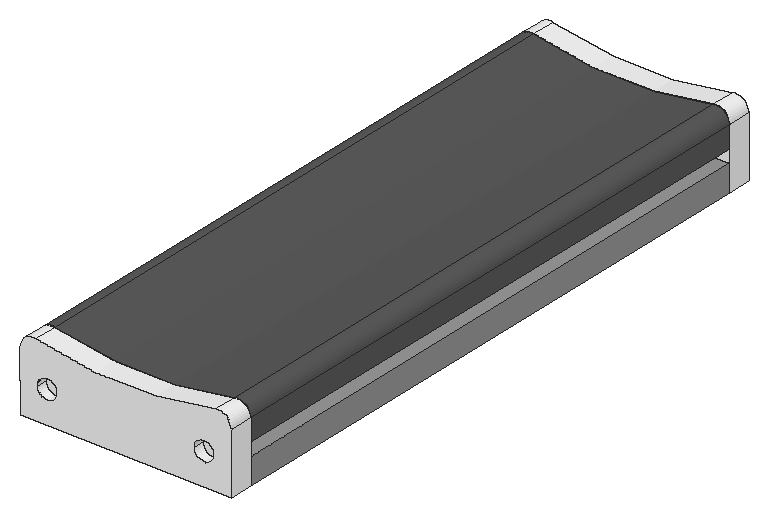
Revit family "JC KONTAKTER JCK118 DE", category Specialty Equipment, host Face, Revit 2025
Family settings
  Host = Face
  Round Connector Dimension = Use Diameter
  Part Type = Normal
  Enable Cutting in Views = Yes
  Cut with Voids When Loaded = No
  Maintain Annotation Orientation = Yes
  Shared = No
  Room Calculation Point = No
Parameters (values of type "JCK118")
  URL = "https://grossflaechentaster.de/produkt/grossflachentaster-metall/grossflachentaster-jck118/"
  Technisches Produktblatt = "https://grossflaechentaster.de/wp-content/uploads/sites/3/Technisches-Produktdatenblatt-_JCK118_DE.pdf"
  Produktgewicht = "0.408 kg."
  Nomineller nennstrom = "12 V - Resistive 6A Inductive L/R 5ms 6A, 24 V - Resistive 6A Inductive L/R 5ms 5A"
  Model = "JCK118"
  Mikroschalter = "Standard NO IP67"
  Manufacturer = "JC kontakter"
  Kern = Aluminum 6060-T6
  Herstellungsland = "Schweden"
  Geringster nennstrom = "1mA/4 V DC"
  Endkappen = POM Tenac C 4520 (weiss)
  Description = "Vandalensicherer Großflächentaster mit konkaver Tastfläche. Er ist aus schwarzeloxiertem Aluminium gefertigt und hat weiße Endkappen. Mit doppelten, feuchtigkeitsgeschützten Mikroschaltern der IP-Klasse 67 ausgestattet. Geeignet für den Einsatz in anspruchsvollen Umgebungen, sowohl im Innenbereich als auch im Freien."
  Default Elevation = 800 mm
  Deckel = Aluminum 6060-T6 (schwarz)
  CE-kennzeichnung = "https://jckontakter.se/wp-content/uploads/CE_Dokument.pdf"
  Anzahl der mikroschalter = 2
Reference planes
  plane 1 "Center (Front/Back)": y = 0
  plane 2: z = 0
  plane 3 "Center (Left/Right)": x = 0
  plane 4 "A": y = -122.5
Lines and regions (mm)
  symbolic lines
    curve 1: line (-50, 0, 50) -> (50, 0, 50)
    curve 2: line (-50, 0, 0) -> (-50, 0, 50)
    curve 3: line (50, 0, 0) -> (-50, 0, 0)
    curve 4: line (50, 0, 50) -> (50, 0, 0)
    curve 5: line (-40, 122.5, 0) -> (40, 122.5, 0)
    curve 6: line (-40, -122.5, 0) -> (-40, 122.5, 0)
    curve 7: line (40, -122.5, 0) -> (-40, -122.5, 0)
    curve 8: line (40, 122.5, 0) -> (40, -122.5, 0)
Text (mm)
  text "Entfernen Sie diesen Text vor der Verwendung.\n\nPlatzierungsanweisungen:\n\n1. In das Projekt laden.\n2. Bewegen Sie den Mauszeiger über die Fläche, auf der die Familie platziert werden soll.\n3. Wenn die Familie gedreht angezeigt wird, aktivieren Sie die Option „Nach Platzierung drehen.\n4. Klicken Sie auf die gewünschte Fläche.\n5. Geben Sie den gewünschten Winkel ein.\n6. Drücken Sie die Eingabetaste." at (123.173, 1072.34, 0), in view "Ref. Level"
Dimensions and locks
  aligned and locked: plane 2 to host face
  aligned and locked: level to host face
Nested families
  nested 1: "AK_118" at (0, -122.5, 0) x (1, 0, 0) z (0, 1, 0), type "AK_118"
Definition of nested family "AK_118"
  Parameters (values of type "AK_118")
    URL = "https://jckontakter.se/produkt/armbagskontakter-metall/armbagskontakt-i-aluminium-jck118/"
    Model = "JCK118"  # constant formula
    Manufacturer = "JC Kontakter"  # constant formula
    Lid Finish = none
    End Cap Finish = none
    Description = "JCK118 är en tålig armbågskontakt i aluminium med svarteloxerad yta. Med sina vita endcaps ger modellen maximal kontrastering i de flesta miljöer.\r\nModellen är främst avsedd för bruk utomhus, och passar bra i krävande miljöer. JCK118 levereras med 2st mikrobrytare i IP67."  # constant formula
    Default Elevation = 1219.2 mm
    Core Finish = none
  Reference planes
    plane 1 "Center (Front/Back)": y = 0
    plane 2: z = 0
    plane 3 "Center (Left/Right)": x = 0
    plane 4 "1": x = 40
    plane 5 "A": z = 9
    plane 6 "B": z = 236
    plane 7: y = -17.83
  Forms (mm)
    Extrusion 1, solid, material <- "Core Finish"
      sketch origin (40, 0, 9) x (1, 0, 0) y (0, 1, 0)
        loop
          line (-80, 0) -> (-80, -10) -> (-73.2, -10) -> (-73.2, -15) -> (-6, -15) -> (-6, -10) -> (0, -10) -> (0, 0) -> (-80, 0)
      from 0 to 227
    Extrusion 2, solid, material <- "Lid Finish"
      sketch origin (-40, 0, 9) x (-1, 0, 0) y (0, -1, 0)
        loop
          line (-6.8, 17.58) -> (-6.8, 15) -> (0, 15) -> (0, 23)
          arc (0, 23) -> (-1.864, 26.894) -> (-6.066, 27.885) r 5
          arc (-6.066, 27.885) -> (-40, 24) -> (-73.934, 27.885) r 150.141
          arc (-73.934, 27.885) -> (-78.136, 26.894) -> (-80, 23) r 5
          line (-80, 23) -> (-80, 15) -> (-74, 15) -> (-74, 17.58) -> (-6.8, 17.58)
      from 0 to 227
    Extrusion 3, solid, material <- "End Cap Finish"
      sketch origin (-40, 0, 0) x (1, 0, 0) y (0, 1, 0)
        loop
          arc (0, -23) -> (1.864, -26.894) -> (6.066, -27.885) r 5
          arc (6.066, -27.885) -> (40, -24) -> (73.934, -27.885) r 150.141
          arc (73.934, -27.885) -> (78.136, -26.894) -> (80, -23) r 5
          line (80, -23) -> (80, 0) -> (0, 0) -> (0, -23)
      from 0 to 9
    Extrusion 4, void
      sketch origin (0, 0, 0) x (1, 0, 0) y (0, 1, 0)
        loop
          circle (-29.75, -12.25) r 3.75
        loop
          circle (29.75, -12.25) r 3.75
      from 0 to 4
    Extrusion 5, solid, material <- "End Cap Finish"
      sketch origin (0, 0, 236) x (-1, 0, 0) y (0, -1, 0)
        loop
          arc (40, 23) -> (38.136, 26.894) -> (33.934, 27.885) r 5
          arc (33.934, 27.885) -> (0, 24) -> (-33.934, 27.885) r 150.141
          arc (-33.934, 27.885) -> (-38.136, 26.894) -> (-40, 23) r 5
          line (-40, 23) -> (-40, 0) -> (40, 0) -> (40, 23)
      from 0 to 9
  Cuts and joins
    Extrusion 4 cuts Extrusion 3
  Dimensions and locks
    aligned and locked: level to plane 2
